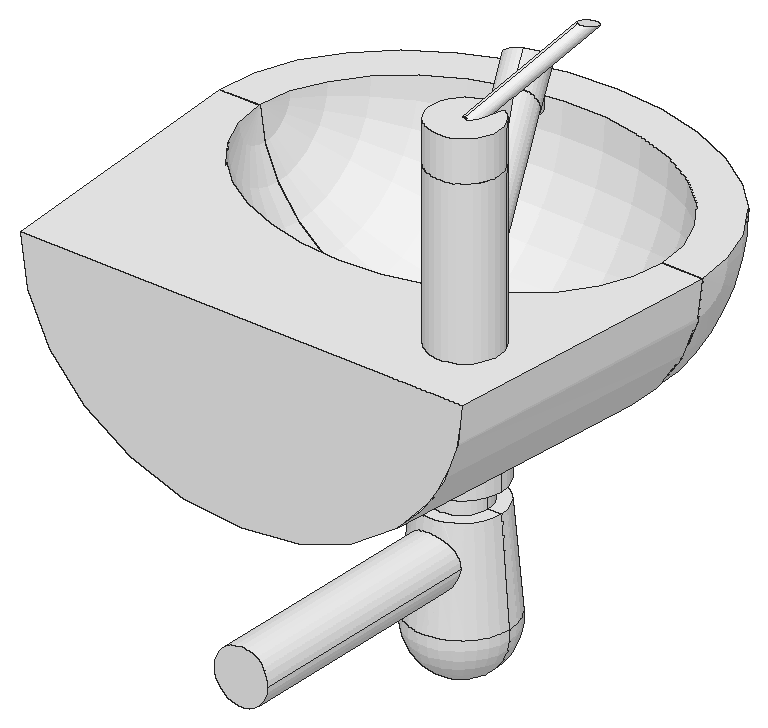
Revit family
Parameters
  Material Trap = Metal - Chrome Polished
  Material Tap = Metal - Chrome Polished
  Material Basin = Porcelain
Reference planes
  plane 1 "Center (Front/Back)": y = 0
  plane 2: z = 0
  plane 3 "Center (Left/Right)": x = 0
  plane 4: x = -180
  plane 5: x = 180
  plane 6: y = 350
  plane 7: z = 650
  plane 8: z = 510
  plane 9: x = -150
  plane 10: x = 150
  plane 11: y = 205
  plane 12: x = 165
  plane 13: x = -165
Forms (mm)
  Revolve 1, solid, material "Porcelain" <- "Material Basin"
    sketch origin (0, 0, 650) x (0, -1, 0) y (1, 0, 0)
      loop
        spline (-205, 180) -> (-242.529, 173.867) -> (-277.5, 155.885) -> (-307.53, 127.279) -> (-330.574, 90) -> (-345.059, 46.587) -> (-350, 0) -> (-345.059, -46.587) -> (-330.574, -90) -> (-307.53, -127.279) -> (-277.5, -155.885) -> (-242.529, -173.867) -> (-205, -180)
        line (-205, -180) -> (-205, 180)
      axis (-205, 180) -> (-205, -180)
    angle from 0 to 90
  Blend 2, solid, material "Porcelain" <- "Material Basin"
    base sketch origin (0, 205, 0) x (1, 0, 0) y (0, 0, 1)
      loop
        line (180, 650) -> (-180, 650)
        spline (-180, 650) -> (-173.867, 612.471) -> (-155.885, 577.5) -> (-127.279, 547.47) -> (-90, 524.426) -> (-46.587, 509.941) -> (0, 505) -> (46.587, 509.941) -> (90, 524.426) -> (127.279, 547.47) -> (155.885, 577.5) -> (173.867, 612.471) -> (180, 650)
    top sketch origin (0, 205, 0) x (1, 0, 0) y (0, 0, 1)
      loop
        spline (-165, 650) -> (-159.378, 613.765) -> (-142.894, 580) -> (-116.673, 551.005) -> (-82.5, 528.756) -> (-42.705, 514.77) -> (0, 510) -> (42.705, 514.77) -> (82.5, 528.756) -> (116.673, 551.005) -> (142.894, 580) -> (159.378, 613.765) -> (165, 650)
        line (165, 650) -> (-165, 650)
    from 0 to 205
  Revolve 3, void
    sketch origin (-500, 0, 650) x (0, -1, 0) y (1, 0, 0)
      loop
        spline (-205, 350) -> (-175.236, 355.111) -> (-147.5, 370.096) -> (-123.683, 393.934) -> (-105.407, 425) -> (-93.919, 461.177) -> (-90, 500) -> (-93.919, 538.823) -> (-105.407, 575) -> (-123.683, 606.066) -> (-147.5, 629.904) -> (-175.236, 644.889) -> (-205, 650)
        line (-205, 650) -> (-205, 350)
      axis (-205, 650) -> (-205, 350)
    angle from 0 to 180
  Revolve 4, solid, material "Metal - Chrome Polished" <- "Material Trap"
    sketch origin (0, 205, 0) x (1, 0, 0) y (0, 0, 1)
      loop
        line (-20, 507.499) -> (-20, 475) -> (-30, 475) -> (-30, 455) -> (-20, 455) -> (-20, 440) -> (-30, 440) -> (-36.537, 365.285)
        arc (-36.537, 365.285) -> (-27.146, 336.751) -> (0, 323.889) r 38.102
        line (0, 323.889) -> (0, 507.499) -> (-20, 507.499)
      axis (0, 507.499) -> (0, 323.889)
    angle from 0 to 360
  Extrusion 5, solid, material "Metal - Chrome Polished" <- "Material Trap"
    sketch origin (0, 0, 0) x (1, 0, 0) y (0, 0, 1)
      loop
        circle (0, 410.672) r 20
    from -185.76 to 0
Cuts and joins
  Revolve 3 cuts Revolve 1
  Revolve 3 cuts Blend 2
  joined: Revolve 4, Extrusion 5
Lines and regions (mm)
  symbolic lines
    curve 1: line (-165, 0, 650) -> (-180, 205, 650)
    curve 2: line (180, 205, 650) -> (165, 0, 650)
    curve 3: line (165, 0, 650) -> (-165, 0, 650)
    curve 4: spline (77.375, 106.481, 650) -> (5.526, 90.078, 650) -> (-67.702, 102.38, 650) -> (-124.021, 140.314, 650) -> (-149.362, 194.405, 650) -> (-137.396, 251.142, 650) -> (-91.113, 296.354, 650) -> (-22.071, 318.748, 650) -> (52.483, 312.731, 650) -> (113.928, 279.805, 650) -> (146.917, 228.195, 650) -> (143.21, 170.791, 650) -> (103.732, 121.932, 650)
    curve 5: spline (-180, 205, 650) -> (-173.867, 242.529, 650) -> (-155.885, 277.5, 650) -> (-127.279, 307.53, 650) -> (-90, 330.574, 650) -> (-46.587, 345.059, 650) -> (0, 350, 650) -> (46.587, 345.059, 650) -> (90, 330.574, 650) -> (127.279, 307.53, 650) -> (155.885, 277.5, 650) -> (173.867, 242.529, 650) -> (180, 205, 650)
Dimensions and locks
  aligned and locked: plane 7 to nested 1
Nested families
  nested 1: "UK_Mdrn Tap Style D" at (119.462, 59.048, 650) x (-0.8829, -0.4695, 0) z (0, 0, 1), type "UK_Mdrn Tap Style D"
Definition of nested family "UK_Mdrn Tap Style D"
  Parameters
    Material Tap = none
    Manufacturer = "Revit"
  Reference planes
    plane 1 "Center (Front/Back)": y = 0
    plane 2: z = 0
    plane 3 "Center (Left/Right)": x = 0
    plane 4: z = 50
    plane 5: z = 150
    plane 6: through (0, 12.063, 45.018) normal (0, -0.2588, -0.9659)
    plane 7 "1": through (0, 0, 0) normal (-0.7071, 0.7071, 0)
  Forms (mm)
    Extrusion 1, solid, material <- "Material Tap"
      sketch origin (0, 0, 0) x (1, 0, 0) y (0, 1, 0)
        loop
          circle (0, 0) r 25
      from 0 to 120
    Extrusion 2, solid, material <- "Material Tap"
      sketch origin (0, 0, 120) x (1, 0, 0) y (0, 1, 0)
        loop
          circle (0, 0) r 25
      from 0 to 30
    Sweep 3, solid, material <- "Material Tap"
      path origin (0, 0, 0) x (0, 1, 0) y (0, 0, 1)
        loop
          line (-2.778, 48.995) -> (-152.496, 89.112)
      profile origin (0, -89.7, 24.035) x (0, -0.258819, -0.965926) y (1, 0, 0)
        loop
          circle (-28.318, 0) r 15
    Sweep 4, solid, material <- "Material Tap"
      path origin (0, 49.046, -13.142) x (0, 1, 0) y (0, 0, 1)
        loop
          line (-201.542, 102.254) -> (-254.668, 116.489)
      profile origin (0, -191.122, 51.211) x (0, -0.258819, -0.965926) y (1, 0, 0)
        loop
          circle (-28.318, 0) r 15
    Extrusion 5, void
      sketch origin (0, 0, 0) x (0, -1, 0) y (0, 0, 1)
        loop
          line (178.114, 101.407) -> (229.501, 53.176) -> (227.923, 102.986) -> (178.114, 101.407)
      from -54.803 to 30
    Extrusion 6, solid, material <- "Material Tap"
      sketch origin (0, 68.104, 30.002) x (0, -0.965926, 0.258819) y (-1, 0, 0)
        loop
          circle (255.217, 0) r 11
      from 22.434 to 44.667
    Sweep 7, solid, material <- "Material Tap"
      path origin (0, 0, 0) x (-0.707107, -0.707107, 0) y (0, 0, 1)
        loop
          line (1.612, 146.811) -> (92.243, 189.073)
      profile origin (-72.741, -72.741, 47.97) x (0.298836, 0.298836, 0.906308) y (-0.707107, 0.707107, 0)
        loop
          circle (131.377, 0) r 5
    Extrusion 8, solid, material <- "Material Tap"
      sketch origin (0, 0, 0) x (-0.707107, -0.707107, 0) y (0, 0, 1)
        loop
          line (30.984, 158.177) -> (9.675, 150.421) -> (9.675, 133.671) -> (26.663, 133.671) -> (30.984, 158.177)
      from -4.433 to 4.388
    Extrusion 9, void
      sketch origin (0, 0, 0) x (0.707107, 0.707107, 0) y (0, 0, 1)
        loop
          line (-99.984, 182.242) -> (-73.884, 189.236) -> (-99.984, 198.735) -> (-99.984, 182.242)
      from -20.858 to 30
  Cuts and joins
    Extrusion 5, Extrusion 9 cuts Extrusion 1
    Extrusion 5, Extrusion 9 cuts Sweep 3
    joined: Extrusion 1, Sweep 3
    Extrusion 5, Extrusion 9 cuts Extrusion 2
    Extrusion 9 cuts Sweep 7
    Extrusion 9 cuts Extrusion 8
    joined: Extrusion 2, Sweep 7, Extrusion 8
    Extrusion 5, Extrusion 9 cuts Sweep 4
    Extrusion 9 cuts Extrusion 6
    joined: Sweep 4, Extrusion 6
  Dimensions and locks
    aligned and locked: Sweep 3 sketch curve to plane 6
    aligned and locked: Sweep 4 sketch curve to plane 6
